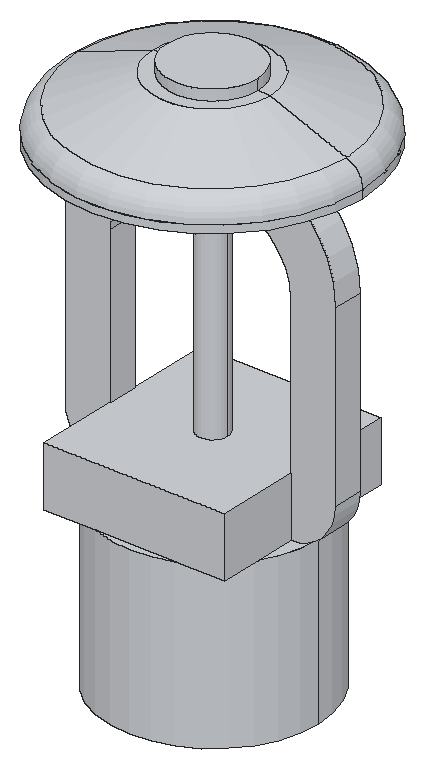
Revit family
Parameters (values of type "RASCO F156-300 UPRIGHT")
  URL = ""
  Temperature Rating = 155 °F
  Response = (empty or 0)
  RASCO SIN # = "RA2525"
  RASCO Part # = "F56U1B3"
  Pressure Rating = "300 PSI"
  Pressure Class = 1
  Orifice Size = 1/2"
  Orifice = (empty or 0)
  Model = "F156-300"
  Manufacturer = "RASCO"
  K-Factor = 5.6
  Description = "Brz. Finish"
  Coverage = (empty or 0)
Reference planes (in)
  plane 1 "Center (Front/Back)": y = 0
  plane 2: z = 0
  plane 3 "Center (Left/Right)": x = 0
Nested families (in)
  nested 1: "F56U1B3" at (0, 0, 0), type "RASCO F156-300 UPRIGHT"
Connectors (in)
  piping at (0, 0, 0)
    settings: on nested 1, index 1, connector radius 55/128", flow factor 0, pipe flow 0 GPM, pressure drop 0.00 psi, fitting loss kfactor 0, connector angle 0.00°, fixture units 0, flow configuration 0, flow direction 0, fitting loss method 0, system type 7, connector reference index -1, connector utility 0, adjustable connector no, is connector primary yes, fitting loss table "", connector description ""
Definition of nested family "F56U1B3"
  Parameters (values of type "RASCO F156-300 UPRIGHT")
    Type Comments = ""
    Temperature Rating = 0 °F
    Response = (empty or 0)
    Pressure Rating = "0"
    Pressure Class = (empty or 0)
    Orifice Size = 0"
    Orifice = (empty or 0)
    Model = ""
    Manufacturer = ""
    K-Factor = 0
    Description = ""
    Coverage = (empty or 0)
    Assembly Code = ""
  Reference planes (in)
    plane 1 "Center (Front/Back)": y = 0
    plane 2: z = 0
    plane 3 "ref.2": z = 0.6875
    plane 4 "ref.3": z = 0.9375
    plane 5: x = -0.38065
    plane 6: x = 0.36935
    plane 7 "ref. side 1": y = 0.06402
    plane 8 "ref. side 2": y = -0.06098
    plane 9 "ref.4": z = 1.875
    plane 10 "ref.5": z = 2.3125
    plane 11 "ref.6": z = 2.4375
  Forms (in)
    Extrusion 1, solid
      sketch origin (0, 0, 0) x (1, 0, 0) y (0, 1, 0)
        loop
          circle (0, 0) r 0.4375
      from 0 to 0.6875
    Extrusion 2, solid
      sketch origin (-0.12185, 0.05177, 0.6875) x (1, 0, 0) y (0, 1, 0)
        loop
          line (-0.2588, 0.356) -> (-0.2588, -0.4565) -> (0.4912, -0.4565) -> (0.4912, 0.356) -> (-0.2588, 0.356)
      from 0 to 0.25
    Extrusion 3, solid
      sketch origin (0, 0, 0) x (1, 0, 0) y (0, 0, 1)
        loop
          line (-0.38065, 0.68754) -> (-0.38065, 1.58397)
          arc (-0.38065, 1.58397) -> (-0.29541, 1.78976) -> (-0.08962, 1.875) r 0.29103
          line (-0.08962, 1.875) -> (0.07524, 1.875)
          arc (0.07524, 1.875) -> (0.28321, 1.78886) -> (0.36935, 1.58089) r 0.29411
          line (0.36935, 1.58089) -> (0.36935, 0.68751)
          arc (0.36935, 0.68751) -> (0.50207, 0.74393) -> (0.55685, 0.87734) r 0.18984
          line (0.55685, 0.87734) -> (0.55685, 1.61676)
          arc (0.55685, 1.61676) -> (0.42629, 1.93194) -> (0.11111, 2.0625) r 0.44574
          line (0.11111, 2.0625) -> (-0.12259, 2.0625)
          arc (-0.12259, 2.0625) -> (-0.43765, 1.932) -> (-0.56815, 1.61694) r 0.44556
          line (-0.56815, 1.61694) -> (-0.56815, 0.87876)
          arc (-0.56815, 0.87876) -> (-0.51345, 0.74486) -> (-0.38065, 0.68754) r 0.19126
      from -0.06402 to 0.06098
    Extrusion 4, solid
      sketch origin (0, 0, 0.9375) x (-1, 0, 0) y (0, -1, 0)
        loop
          circle (0.00574, -0.00152) r 0.0625
      from 0 to 0.9375
    Extrusion 5, solid
      sketch origin (0, 0, 1.875) x (-1, 0, 0) y (0, -1, 0)
        loop
          circle (0.00574, -0.00152) r 0.1875
      from 0 to 0.4375
    Revolve 6, solid
      sketch origin (0, 0, -0.31276) x (1, 0, 0) y (0, 0, 1)
        loop
          line (-0.19324, 2.33367) -> (-0.19324, 2.58367) -> (-0.24995, 2.58367) -> (-0.56395, 2.46314)
          arc (-0.56395, 2.46314) -> (-0.61243, 2.42492) -> (-0.63074, 2.36595) r 0.1041
          line (-0.63074, 2.36595) -> (-0.63074, 2.33367) -> (-0.19324, 2.33367)
        axis (-0.00574, 2.33367) -> (-0.00574, 2.58367)
      angle from 0 to 360
  Cuts and joins
    joined: Extrusion 1, Extrusion 2, Extrusion 4, Revolve 6
  Lines and regions (in)
    model lines
      curve 1: line (-0.00574, 0.06402, 1.875) -> (-0.00574, -0.06098, 1.875)
